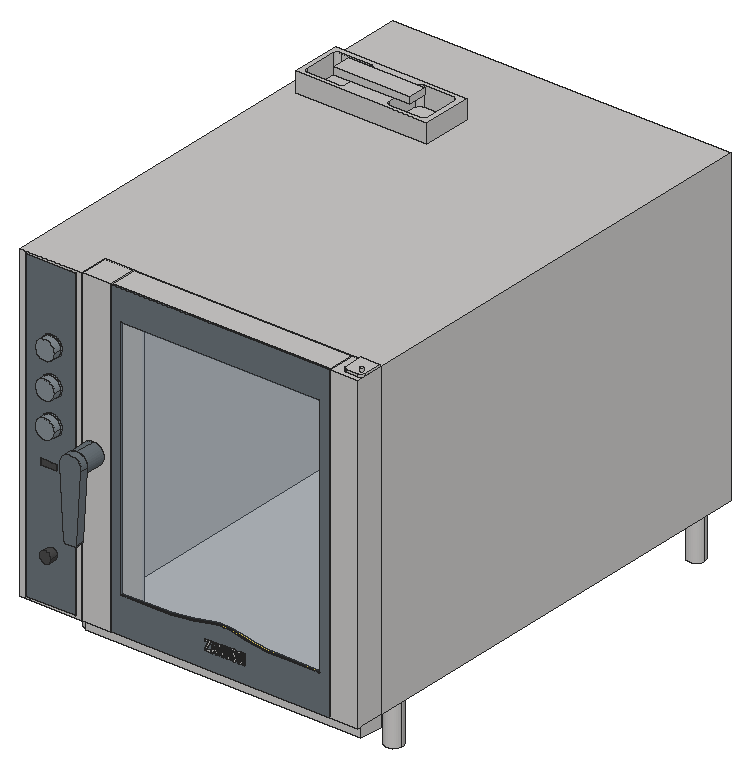
Revit family "QF_ZANUSSI_240478_ZFCL12CSBQ", category Specialty Equipment, Revit 2023
Family settings
  Round Connector Dimension = Use Diameter
  Part Type = Normal
  Work Plane-Based = No
  Enable Cutting in Views = No
  Always vertical = Yes
  Cut with Voids When Loaded = No
  Maintain Annotation Orientation = No
  Shared = No
  Room Calculation Point = No
Parameters (values of type "Standard")
  Weight = 154.00 kg
  Watts = 0 W
  Volts = 220 V
  URL Manufacturer = "http://www.zanussiprofessional.com"
  URL = "http://www.zanussiprofessional.com"
  Steam Supply Size = 0 mm
  Steam Supply Minimum Pressure = 0.0 Pa
  Steam Supply Maximum Pressure = 0.0 Pa
  Steam Consumption per Hour = 0
  Show Logo [instance] = yes
  Show Clearance [instance] = yes
  Refrigeration Suction Line Size = 0 mm
  Refrigeration Liquid Line Size = 0 mm
  Refrigerant Compressor Remote = yes
  Default Elevation = 0 mm
  Manufacturer = "Zanussi"
  Phase = 1
  Model = "ZFCL12CSBQ"
  Length Actual = 890 mm
  Item Number = "240478"
  Hot Water Size = 0 mm
  Height Actual = 970 mm
  HP = "0.7 HP"
  Gas Size = 12.7 mm
  Gas KW = 25
  Gas Input Pressure = 1.85 W
  Direct Waste Size = 25 mm
  Description = "CONVECTION OVEN CW 10 GN 2/1 - GAS - 60HZ - QMARK"
  Depth Actual = 1215 mm
  Cycle = 60 Hz
  Condensate Return Size = 0 mm
  Compressed Air Volume = 0.0 L/s
  Compressed Air Size = 0 mm
  Compressed Air Pressure = 0.0 Pa
  Cold Water Size = 19.05 mm
  Accessory = no
Reference planes
  plane 1 "Center X": y = -61.149
  plane 2: z = 0
  plane 3 "Center Y": x = -330
  plane 4 "LEFT": x = -775
  plane 5 "BACK": y = 551.351
  plane 6 "RIGHT": x = 115
  plane 7 "FRONT": y = -673.649
  plane 8 "FeetLeft": x = -725
  plane 9: y = 501.351
  plane 10 "DoorDepth": y = -598.649
  plane 11 "FeetRight": x = 65
  plane 12 "BASE": z = 130
  plane 13 "TOP": z = 950
  plane 14: z = 0
  plane 15 "FeetFront": y = -493.649
  plane 16: z = 1001
  plane 17: y = -433.649
  plane 18 "Drain_X": x = -349
  plane 19 "Drain_Y": y = 181.351
  plane 20 "EI_x": x = -675
  plane 21 "EI_y": y = -418.649
  plane 22 "GAS_y": y = -148.649
  plane 23 "Gas_x": x = -690
  plane 24 "CWI_x": x = -690
  plane 25: y = -1354.649
  plane 26 "CWI_y": y = -53.649
  plane 27: y = 255.351
Forms (mm)
  Extrusion 1, solid, material "QF_Finishes_Stainless Steel"
    sketch origin (0, 73.5, 130) x (-1, 0, 0) y (0, -1, 0)
      loop
        circle (690, 127.149) r 13.2
    from -5 to 0
  Extrusion 2, solid, material "QF_Finishes_Stainless Steel"
    sketch origin (0, 57.5, 130) x (-1, 0, 0) y (0, -1, 0)
      loop
        circle (675, 476.149) r 13.25
    from -5 to 0
  Extrusion 3, solid, material "QF_Finishes_Stainless Steel"
    sketch origin (89, -125, 130) x (-1, 0, 0) y (0, -1, 0)
      loop
        circle (438, -306.351) r 13.25
    from -5 to 0
  Extrusion 4, solid, material "QF_Finishes_Black"
    sketch origin (0, -673.649, 77) x (-1, 0, 0) y (0, 0, 1)
      loop
        circle (691.941, 183.023) r 15
    from 0 to -20
  Extrusion 5, solid, material "QF_Finishes_Stainless Steel"
    sketch origin (15, -153.5, 130) x (-1, 0, 0) y (0, -1, 0)
      loop
        circle (705, -4.851) r 13.25
    from -5 to 0
  Extrusion 6, solid, material "QF_Finishes_Zanussi_Soft Gray"
    sketch origin (0, -673.649, -96) x (-1, 0, 0) y (0, 0, 1)
      loop
        circle (691, 845.824) r 26.676
    from 0 to -3
  Blend 7, solid, material "QF_Finishes_Zanussi_Soft Gray"
    base sketch origin (0, -673.649, -96) x (-1, 0, 0) y (0, 0, 1)
      loop
        circle (691, 845.824) r 25
    top sketch origin (0, -673.649, -96) x (-1, 0, 0) y (0, 0, 1)
      loop
        circle (691, 845.824) r 24.8
    from -3 to -23
  Extrusion 8, solid, material "QF_Finishes_Zanussi_Soft Gray"
    sketch origin (0, -673.649, -105) x (-1, 0, 0) y (0, 0, 1)
      loop
        circle (691, 760.824) r 26.676
    from 0 to -3
  Blend 9, solid, material "QF_Finishes_Zanussi_Soft Gray"
    base sketch origin (0, -673.649, -105) x (-1, 0, 0) y (0, 0, 1)
      loop
        circle (691, 760.824) r 25
    top sketch origin (0, -673.649, -105) x (-1, 0, 0) y (0, 0, 1)
      loop
        circle (691, 760.824) r 24.8
    from -3 to -23
  Extrusion 10, solid, material "QF_Finishes_Zanussi_Soft Gray"
    sketch origin (0, -673.649, 183) x (-1, 0, 0) y (0, 0, 1)
      loop
        circle (691, 380.824) r 26.676
    from 0 to -3
  Blend 11, solid, material "QF_Finishes_Zanussi_Soft Gray"
    base sketch origin (0, -673.649, 183) x (-1, 0, 0) y (0, 0, 1)
      loop
        circle (691, 380.824) r 25
    top sketch origin (0, -673.649, 183) x (-1, 0, 0) y (0, 0, 1)
      loop
        circle (691, 380.824) r 24.8
    from -3 to -23
  Extrusion 12, solid, material "QF_Finishes_Stainless Steel"
    sketch origin (0, 0, 130) x (-1, 0, 0) y (0, -1, 0)
      loop
        line (775, -551.351) -> (775, 673.649) -> (612, 673.649) -> (612, 598.649) -> (-115, 598.649) -> (-115, -551.351) -> (775, -551.351)
    from 820 to 0
  Extrusion 13, solid, material "QF_Finishes_Zanussi_Dark Gray"
    sketch origin (0, -673.649, 0) x (-1, 0, 0) y (0, 0, 1)
      loop
        line (760, 945) -> (627, 945) -> (627, 135) -> (760, 135) -> (760, 945)
      loop
        line (677.941, 475.023) -> (677.941, 460.023) -> (720.941, 460.023) -> (720.941, 475.023) -> (677.941, 475.023)
    from 0 to 5
  Extrusion 14, void
    sketch origin (0, -673.649, 0) x (-1, 0, 0) y (0, 0, 1)
      loop
        line (760, 945) -> (627, 945) -> (627, 135) -> (760, 135) -> (760, 945)
    from 0 to 5
  Extrusion 15, void
    sketch origin (0, -673.649, 0) x (-1, 0, 0) y (0, 0, 1)
      loop
        line (-87.826, 145) -> (609, 145) -> (609, 930) -> (-87.826, 930) -> (-87.826, 145)
    from 1200 to 75
  Extrusion 16, solid, material "QF_Finishes_Black"
    sketch origin (-5, -673.649, 195) x (-1, 0, 0) y (0, 0, 1)
      loop
        line (715.941, 280.023) -> (672.941, 280.023) -> (672.941, 265.023) -> (715.941, 265.023) -> (715.941, 280.023)
    from 5 to 0
  Extrusion 17, solid, material "QF_Clearances", detail levels coarse
    sketch origin (0, 0, 0) x (1, 0, 0) y (0, 1, 0)
      loop
        line (-825, -673.649) -> (-775, -673.649) -> (-775, 551.351) -> (115, 551.351) -> (115, -673.649) -> (165, -673.649) -> (165, 601.351) -> (-825, 601.351) -> (-825, -673.649)
    from 950 to 0
  Extrusion 18, solid, material "QF_Finishes_Stainless Steel"
    sketch origin (0, 0, 950) x (-1, 0, 0) y (0, -1, 0)
      loop
        line (395, -190.351) -> (395, -320.351) -> (740, -320.351) -> (740, -190.351) -> (395, -190.351)
      loop
        arc (716, -308.351) -> (724.485, -304.836) -> (728, -296.351) r 12
        line (728, -296.351) -> (728, -210.351)
        arc (728, -210.351) -> (724.485, -201.866) -> (716, -198.351) r 12
        line (716, -198.351) -> (636, -198.351)
        arc (636, -198.351) -> (627.515, -201.866) -> (624, -210.351) r 12
        line (624, -210.351) -> (624, -296.351)
        arc (624, -296.351) -> (627.515, -304.836) -> (636, -308.351) r 12
        line (636, -308.351) -> (716, -308.351)
      loop
        line (419, -308.351) -> (499, -308.351)
        arc (499, -308.351) -> (507.485, -304.836) -> (511, -296.351) r 12
        line (511, -296.351) -> (511, -210.351)
        arc (511, -210.351) -> (507.485, -201.866) -> (499, -198.351) r 12
        line (499, -198.351) -> (419, -198.351)
        arc (419, -198.351) -> (410.515, -201.866) -> (407, -210.351) r 12
        line (407, -210.351) -> (407, -296.351)
        arc (407, -296.351) -> (410.515, -304.836) -> (419, -308.351) r 12
    from 0 to 51
  Extrusion 19, solid, material "QF_Finishes_Stainless Steel"
    sketch origin (0, 0, 950) x (-1, 0, 0) y (0, -1, 0)
      loop
        line (671, -228.351) -> (471, -228.351) -> (471, -278.351) -> (671, -278.351) -> (671, -228.351)
    from 68 to 51
Cuts and joins
  Extrusion 14, Extrusion 15 cuts Extrusion 12
Lines and regions (mm)
  symbolic lines
    curve 1: line (-775, -673.649, 1620) -> (-775, 551.351, 1620)
    curve 2: line (-775, 551.351, 1620) -> (115, 551.351, 1620)
    curve 3: line (-612, -598.649, 1620) -> (115, -598.649, 1620)
    curve 4: line (-612, -598.649, 1620) -> (-612, -673.649, 1620)
    curve 5: line (-775, -673.649, 1620) -> (-612, -673.649, 1620)
    curve 6: line (-719.676, -676.649, 1620) -> (-665.324, -676.649, 1620)
    curve 7: line (-719.676, -676.649, 1620) -> (-719.676, -673.649, 1620)
    curve 8: line (-665.324, -676.649, 1620) -> (-665.324, -673.649, 1620)
    curve 9: line (115, 551.351, 1620) -> (115, -673.649, 1620)
    curve 10: line (-717.863, -696.649, 684) -> (-667.2, -696.649, 684)
    curve 11: line (-717.863, -696.649, 684) -> (-718, -676.649, 684)
    curve 12: line (-667.2, -696.649, 684) -> (-667, -676.649, 684)
    curve 18: line (-740, 320.351, 0) -> (-395, 320.351, 0)
    curve 19: line (-740, 190.351, 0) -> (-740, 320.351, 0)
    curve 20: line (-395, 190.351, 0) -> (-740, 190.351, 0)
    curve 21: line (-395, 320.351, 0) -> (-395, 190.351, 0)
    curve 22: line (-671, 278.351, 0) -> (-471, 278.351, 0)
    curve 23: line (-671, 228.351, 0) -> (-671, 278.351, 0)
    curve 24: line (-471, 228.351, 0) -> (-671, 228.351, 0)
    curve 25: line (-471, 278.351, 0) -> (-471, 228.351, 0)
    curve 26: arc (-728, 296.351, 0) -> (-724.485, 304.836, 0) -> (-716, 308.351, 0) r 12
    curve 27: line (-716, 308.351, 0) -> (-636, 308.351, 0)
    curve 28: arc (-636, 308.351, 0) -> (-627.515, 304.836, 0) -> (-624, 296.351, 0) r 12
    curve 29: line (-624, 296.351, 0) -> (-624, 278.351, 0)
    curve 30: line (-728, 210.351, 0) -> (-728, 296.351, 0)
    curve 31: arc (-716, 198.351, 0) -> (-724.485, 201.866, 0) -> (-728, 210.351, 0) r 12
    curve 32: line (-636, 198.351, 0) -> (-716, 198.351, 0)
    curve 33: arc (-624, 210.351, 0) -> (-627.515, 201.866, 0) -> (-636, 198.351, 0) r 12
    curve 34: arc (-499, 198.351, 0) -> (-507.485, 201.866, 0) -> (-511, 210.351, 0) r 12
    curve 35: line (-511, 210.351, 0) -> (-511, 228.351, 0)
    curve 36: line (-499, 308.351, 0) -> (-419, 308.351, 0)
    curve 37: arc (-511, 296.351, 0) -> (-507.485, 304.836, 0) -> (-499, 308.351, 0) r 12
    curve 38: arc (-419, 308.351, 0) -> (-410.515, 304.836, 0) -> (-407, 296.351, 0) r 12
    curve 39: line (-407, 296.351, 0) -> (-407, 210.351, 0)
    curve 40: arc (-407, 210.351, 0) -> (-410.515, 201.866, 0) -> (-419, 198.351, 0) r 12
    curve 41: line (-419, 198.351, 0) -> (-499, 198.351, 0)
    curve 42: line (-624, 228.351, 0) -> (-624, 210.351, 0)
    curve 43: line (-511, 278.351, 0) -> (-511, 296.351, 0)
  symbolic lines, style "QF_Clearances", detail levels coarse
    curve 13: line (-825, -673.649, 0) -> (-825, 601.351, 0)
    curve 14: line (-825, 601.351, 0) -> (165, 601.351, 0)
    curve 15: line (165, 601.351, 0) -> (165, -673.649, 0)
    curve 16: line (165, -673.649, 0) -> (115, -673.649, 0)
    curve 17: line (-825, -673.649, 0) -> (-768.438, -673.649, 0)
Dimensions and locks
  equal spacing: plane 4 "LEFT", plane 3 "Center Y", plane 6 "RIGHT"
  equal spacing: plane 5 "BACK", plane 1 "Center X", plane 7 "FRONT"
  plane 12 "BASE" to plane 14 = 130 mm
  plane 13 "TOP" to plane 12 "BASE" = 820 mm
  plane 13 "TOP" to plane 14 = 950 mm
  plane 5 "BACK" to plane 9 = 50 mm
  plane 9 to plane 15 "FeetFront" = 995 mm
  locked: plane 15 "FeetFront" to plane 7 "FRONT" at 180
  plane 16 to plane 13 "TOP" to plane 12 "BASE" to level = 51 mm, 820 mm, 130 mm
  plane 16 to level = 1001 mm  (x2)
  plane 17 to plane 7 "FRONT" = 240 mm
  plane 5 "BACK" to plane 19 "Drain_Y" = 370 mm
  plane 4 "LEFT" to plane 18 "Drain_X" = 426 mm
  plane 4 "LEFT" to plane 20 "EI_x" = 100 mm
  plane 5 "BACK" to plane 21 "EI_y" = 970 mm
  plane 5 "BACK" to plane 22 "GAS_y" = 700 mm
  plane 4 "LEFT" to plane 23 "Gas_x" = 85 mm
  plane 4 "LEFT" to plane 24 "CWI_x" = 85 mm
  plane 5 "BACK" to plane 25 = 1906 mm
  plane 5 "BACK" to plane 26 "CWI_y" = 605 mm
  locked: plane 10 "DoorDepth" to plane 7 "FRONT" at 75
  plane 8 "FeetLeft" to plane 4 "LEFT" = 50 mm
  plane 6 "RIGHT" to plane 11 "FeetRight" = 50 mm
  plane 11 "FeetRight" to plane 8 "FeetLeft" = 790 mm
  plane 5 "BACK" to plane 7 "FRONT" = 1225 mm
  plane 4 "LEFT" to plane 6 "RIGHT" = 890 mm
  plane 5 "BACK" to plane 27 = 296 mm
  aligned and locked: level to plane 2
  aligned and locked: plane 12 "BASE" to nested 1
  aligned and locked: plane 12 "BASE" to nested 2
  aligned and locked: plane 12 "BASE" to nested 4
  aligned and locked: plane 12 "BASE" to nested 3
  aligned and locked: nested 5 to plane 10 "DoorDepth"
  aligned and locked: nested 5 to plane 12 "BASE"
  aligned and locked: plane 6 "RIGHT" to nested 5
  aligned and locked: plane 8 "FeetLeft" to nested 4
  aligned and locked: plane 11 "FeetRight" to nested 2
  aligned and locked: plane 11 "FeetRight" to nested 3
  aligned and locked: nested 4 to plane 9
  aligned and locked: nested 3 to plane 9
  aligned and locked: plane 15 "FeetFront" to nested 1
  aligned and locked: plane 15 "FeetFront" to nested 2
Automatic sketch dimensions
  Extrusion 2 sketch curve to plane 20 "EI_x" = 0 mm
  Extrusion 2 sketch curve to plane 21 "EI_y" = 0 mm
  Extrusion 3 sketch curve to plane 18 "Drain_X" = 0 mm
  Extrusion 3 sketch curve to plane 19 "Drain_Y" = 0 mm
  Extrusion 4 sketch curve to plane 23 "Gas_x" = 1.941 mm
  plane 12 "BASE" to Extrusion 4 sketch curve = 130.023 mm
  Extrusion 5 sketch curve to plane 22 "GAS_y" = 0 mm
  Extrusion 5 sketch curve to plane 23 "Gas_x" = 0 mm
  Extrusion 6 sketch curve to plane 23 "Gas_x" = 1 mm
  Extrusion 6 sketch curve to plane 13 "TOP" = 200.176 mm
  Blend 7 sketch curve to plane 23 "Gas_x" = 1 mm  (x2)
  Blend 7 sketch curve to plane 13 "TOP" = 200.176 mm  (x2)
  Extrusion 8 sketch curve to plane 23 "Gas_x" = 1 mm
  Extrusion 8 sketch curve to plane 13 "TOP" = 294.176 mm
  Blend 9 sketch curve to plane 23 "Gas_x" = 1 mm  (x2)
  Blend 9 sketch curve to plane 13 "TOP" = 294.176 mm  (x2)
  Extrusion 10 sketch curve to plane 23 "Gas_x" = 1 mm
  plane 12 "BASE" to Extrusion 10 sketch curve = 433.824 mm
  Blend 11 sketch curve to plane 23 "Gas_x" = 1 mm  (x2)
  plane 12 "BASE" to Blend 11 sketch curve = 433.824 mm  (x2)
  Extrusion 12 sketch curve to plane 5 "BACK" = 0 mm
  Extrusion 12 sketch curve to plane 6 "RIGHT" = 0 mm
  Extrusion 12 sketch curve to plane 10 "DoorDepth" = 0 mm
  Extrusion 12 sketch curve to plane 7 "FRONT" = 0 mm
  Extrusion 12 sketch curve to plane 4 "LEFT" = 0 mm
  plane 20 "EI_x" to Extrusion 12 sketch curve = 63 mm
  Extrusion 14 sketch curve to plane 13 "TOP" = 5 mm
  plane 20 "EI_x" to Extrusion 14 sketch curve = 48 mm
  Extrusion 14 sketch curve to plane 8 "FeetLeft" = 35 mm
  plane 12 "BASE" to Extrusion 14 sketch curve = 5 mm
  Extrusion 15 sketch curve to plane 13 "TOP" = 20 mm
  plane 11 "FeetRight" to Extrusion 15 sketch curve = 22.826 mm
  plane 20 "EI_x" to Extrusion 15 sketch curve = 66 mm
  plane 12 "BASE" to Extrusion 15 sketch curve = 15 mm
  Extrusion 13 sketch curve to plane 13 "TOP" = 5 mm
  plane 20 "EI_x" to Extrusion 13 sketch curve = 48 mm
  Extrusion 13 sketch curve to plane 20 "EI_x" = 2.941 mm
  plane 8 "FeetLeft" to Extrusion 13 sketch curve = 4.059 mm
  plane 4 "LEFT" to Extrusion 13 sketch curve = 15 mm
  plane 12 "BASE" to Extrusion 13 sketch curve = 345.023 mm
  Extrusion 13 sketch curve to Extrusion 13 sketch curve = 15 mm
  plane 12 "BASE" to Extrusion 13 sketch curve = 5 mm
  Extrusion 16 sketch curve to plane 20 "EI_x" = 2.941 mm
  plane 8 "FeetLeft" to Extrusion 16 sketch curve = 4.059 mm
  plane 12 "BASE" to Extrusion 16 sketch curve = 330.023 mm
  Extrusion 16 sketch curve to Extrusion 16 sketch curve = 15 mm
  curve 3 to plane 10 "DoorDepth" = 0 mm
  curve 5 to plane 7 "FRONT" = 0 mm
  curve 2 to plane 4 "LEFT" = 0 mm
  curve 1 to plane 5 "BACK" = 0 mm
  plane 20 "EI_x" to curve 3 = 63 mm
  curve 8 to plane 7 "FRONT" = 3 mm
  plane 20 "EI_x" to curve 8 = 9.676 mm
  plane 8 "FeetLeft" to curve 6 = 5.324 mm
  curve 9 to plane 6 "RIGHT" = 0 mm
  curve 9 to plane 7 "FRONT" = 0 mm
  Extrusion 17 sketch curve to plane 7 "FRONT" = 0 mm  (x2)
  Extrusion 17 sketch curve to plane 4 "LEFT" = 0 mm
  Extrusion 17 sketch curve to plane 5 "BACK" = 0 mm
  Extrusion 17 sketch curve to plane 6 "RIGHT" = 0 mm
  Extrusion 17 sketch curve to Extrusion 17 sketch curve = 50 mm
  plane 6 "RIGHT" to Extrusion 17 sketch curve = 50 mm
  plane 5 "BACK" to Extrusion 17 sketch curve = 50 mm
  Extrusion 1 sketch curve to plane 24 "CWI_x" = 0 mm
  Extrusion 1 sketch curve to plane 26 "CWI_y" = 0 mm
  plane 20 "EI_x" to curve 12 = 7.8 mm
  curve 12 to plane 7 "FRONT" = 23 mm
  curve 12 to plane 7 "FRONT" = 3 mm
  plane 20 "EI_x" to curve 12 = 8 mm
  plane 8 "FeetLeft" to curve 11 = 7.137 mm
  curve 11 to plane 7 "FRONT" = 3 mm
  plane 8 "FeetLeft" to curve 11 = 7 mm
  Extrusion 18 sketch curve to plane 8 "FeetLeft" = 15 mm
  Extrusion 18 sketch curve to plane 8 "FeetLeft" = 3 mm
  plane 8 "FeetLeft" to Extrusion 18 sketch curve = 9 mm  (x2)
  plane 19 "Drain_Y" to Extrusion 18 sketch curve = 17 mm
  plane 20 "EI_x" to Extrusion 18 sketch curve = 39 mm  (x2)
  Extrusion 18 sketch curve to Extrusion 18 sketch curve = 113 mm
  Extrusion 18 sketch curve to Extrusion 18 sketch curve = 12 mm  (x4)
  Extrusion 18 sketch curve to plane 18 "Drain_X" = 70 mm
  plane 19 "Drain_Y" to Extrusion 18 sketch curve = 9 mm
  plane 19 "Drain_Y" to Extrusion 18 sketch curve = 29 mm
  plane 19 "Drain_Y" to Extrusion 19 sketch curve = 47 mm
  Extrusion 19 sketch curve to plane 18 "Drain_X" = 122 mm
  plane 20 "EI_x" to Extrusion 19 sketch curve = 4 mm
  Extrusion 18 sketch curve to Extrusion 18 sketch curve = 80 mm  (x2)
  Extrusion 18 sketch curve to Extrusion 18 sketch curve = 86 mm  (x2)
  Extrusion 18 sketch curve to Extrusion 18 sketch curve = 24 mm
  Extrusion 19 sketch curve to Extrusion 19 sketch curve = 50 mm
  curve 13 to plane 7 "FRONT" = 0 mm
  curve 16 to plane 6 "RIGHT" = 0 mm
  curve 15 to plane 7 "FRONT" = 0 mm
  plane 19 "Drain_Y" to curve 20 = 9 mm
  curve 20 to plane 18 "Drain_X" = 46 mm
  curve 24 to plane 27 = 27 mm
  curve 24 to curve 20 = 76 mm
  plane 20 "EI_x" to curve 24 = 4 mm
  curve 20 to plane 8 "FeetLeft" = 15 mm
  curve 17 to plane 4 "LEFT" = 50 mm
  plane 6 "RIGHT" to curve 15 = 50 mm
  plane 27 to curve 22 = 23 mm
  plane 27 to curve 21 = 65 mm
  plane 5 "BACK" to curve 13 = 50 mm
  plane 4 "LEFT" to curve 17 = 6.562 mm
  plane 8 "FeetLeft" to curve 27 = 9 mm
  curve 26 to curve 18 = 24 mm
  curve 26 to curve 27 = 12 mm
  plane 20 "EI_x" to curve 27 = 39 mm
  curve 28 to curve 28 = 12 mm
  curve 19 to curve 30 = 20 mm
  plane 8 "FeetLeft" to curve 31 = 9 mm
  curve 32 to curve 42 = 12 mm
  curve 35 to curve 24 = 40 mm
  curve 34 to curve 34 = 12 mm
  plane 27 to curve 43 = 41 mm
  curve 37 to curve 37 = 12 mm
  curve 36 to curve 18 = 24 mm
  curve 38 to curve 36 = 12 mm
  curve 20 to curve 39 = 20 mm
  curve 40 to curve 39 = 12 mm
  plane 20 "EI_x" to curve 33 = 39 mm
  curve 43 to curve 22 = 40 mm
  radius of Extrusion 2 sketch curve = 13.25 mm
  radius of Extrusion 3 sketch curve = 13.25 mm
  radius of Extrusion 4 sketch curve = 15 mm
  radius of Extrusion 5 sketch curve = 13.25 mm
  radius of Extrusion 6 sketch curve = 26.676 mm
  radius of Blend 7 sketch curve = 25 mm
  radius of Blend 7 sketch curve = 24.8 mm
  radius of Extrusion 8 sketch curve = 26.676 mm
  radius of Blend 9 sketch curve = 25 mm
  radius of Blend 9 sketch curve = 24.8 mm
  radius of Extrusion 10 sketch curve = 26.676 mm
  radius of Blend 11 sketch curve = 25 mm
  radius of Blend 11 sketch curve = 24.8 mm
  radius of Extrusion 1 sketch curve = 13.2 mm
Nested families
  nested 1: "Foot" at (-725, -493.649, 0), type "Foot"
    with Ø 22 mm, H 130 mm
  nested 2: "Foot" at (65, -493.649, 0), type "Foot"
    with Ø 22 mm, H 130 mm
  nested 3: "Foot" at (65, 501.351, 0), type "Foot"
    with Ø 22 mm, H 130 mm
  nested 4: "Foot" at (-725, 501.351, 0), type "Foot"
    with Ø 22 mm, H 130 mm
  nested 5: "ZAN_DOOR_CROSSWISE_H820" at (115, -601.649, 0), type "ZAN_DOOR_CROSSWISE_H820"
    with Show Clearance yes
Connectors
  piping at (-349, 181.351, 125), diameter 25, driven by "Direct Waste Size"
    settings: on Extrusion 3, index 6, connector inside diameter 609.6 mm, connector length 0 mm, flow factor 0, pipe flow 0.0 L/s, pressure drop 0.0 Pa, fitting loss kfactor 0, connector angle 0.00°, fixture units 0, engagement length 0 mm, angle of deflection 0.00°, flow configuration 0, flow direction 2, fitting loss method 0, system type 16, joint type 0, gender type 0, connector reference index -1, connector utility 0, adjustable connector no, is connector primary yes, connector description "Drain"
  electrical at (-675, -418.649, 125)
    settings: on Extrusion 2, index 7, voltage 0 V, apparent load 0 VA, apparent load phase1 0 VA, apparent load phase2 0 VA, apparent load phase3 0 VA, power factor 1, load classification "Altro", number of poles 1, system type 30, power factor state 1, is connector primary yes, connector utility no, sub classification motor no, connector description "Electrical Connection"
  piping at (-690, -53.649, 125), diameter 19.05, driven by "Cold Water Size"
    settings: on Extrusion 1, index 8, connector inside diameter 609.6 mm, connector length 0 mm, flow factor 0, pipe flow 0.0 L/s, pressure drop 0.0 Pa, fitting loss kfactor 0, connector angle 0.00°, fixture units 0, engagement length 0 mm, angle of deflection 0.00°, flow configuration 0, flow direction 1, fitting loss method 0, system type 20, joint type 0, gender type 0, connector reference index -1, connector utility 0, adjustable connector no, is connector primary no, connector description "Cold Water Inlet"
  piping at (-690, -148.649, 125), diameter 26.4
    settings: on Extrusion 5, index 9, connector inside diameter 609.6 mm, connector length 0 mm, flow factor 0, pipe flow 0.0 L/s, pressure drop 0.0 Pa, fitting loss kfactor 0, connector angle 0.00°, fixture units 0, engagement length 0 mm, angle of deflection 0.00°, flow configuration 0, flow direction 1, fitting loss method 0, system type 7, joint type 0, gender type 0, connector reference index -1, connector utility 0, adjustable connector no, is connector primary no, connector description "Gas Connection"
Definition of nested family "Foot"
  Parameters
    Ø [instance] = 20 mm
    Default Elevation = 0 mm
    H [instance] = 50 mm
  Reference planes
    plane 1 "Centro (Fronte/Retro)": y = 0
    plane 2: z = 0
    plane 3 "Centro (Sinistra/Destra)": x = 0
    plane 4: z = 50
  Forms (mm)
    Revolve 1, solid
      sketch origin (255.05, 0, 608.09) x (0, 0, 1) y (-1, 0, 0)
        loop
          line (-608.09, 255.05) -> (-608.09, 235.05) -> (-558.09, 235.05) -> (-558.09, 255.05) -> (-608.09, 255.05)
        axis (-608.09, 255.05) -> (-558.09, 255.05)
      angle from 0 to 360
  Dimensions and locks
    "H": plane 4 to plane 2
    "Ø": Revolve 1 sketch curve to Revolve 1 sketch curve
    aligned and locked: level to plane 2
    aligned and locked: plane 4 to Revolve 1 sketch curve
    aligned and locked: Revolve 1 sketch curve to level
    aligned and locked: plane 3 "Centro (Sinistra/Destra)" to Revolve 1 sketch curve
  Automatic sketch dimensions
    Revolve 1 sketch curve to plane 3 "Centro (Sinistra/Destra)" = 0 mm
    Revolve 1 sketch curve to Revolve 1 sketch curve = 50 mm
    Revolve 1 sketch curve to Revolve 1 sketch curve = 20 mm
Definition of nested family "ZAN_DOOR_CROSSWISE_H820"
  Parameters (values of type "ZAN_DOOR_CROSSWISE_H820")
    sp_Lama = 5 mm
    Z_Maniglia = 405 mm
    W_Door = 725 mm
    Show Clearance [instance] = yes
    Default Elevation = 0 mm
    H_Feet = 130 mm
    H_FasciaTop = 75 mm
    H_Door = 820 mm
    W_fasce = 75 mm
    Direct Waste Size = 25 mm
  Reference planes
    plane 1 "Center (Front/Back)": y = 3
    plane 2: z = 0
    plane 3 "Center (Left/Right)": x = 0
    plane 4 "Top": z = 950
    plane 5 "Feet": z = 130
    plane 6 "Front": y = -72
    plane 7: z = 945
    plane 8: z = 870
    plane 9: x = -625
    plane 10: x = -75
    plane 11: x = -725
    plane 12: x = -650
    plane 13: x = -100
    plane 14: x = -649
    plane 15: x = -76
    plane 16: z = 154
    plane 17: z = 535
    plane 18: x = -697
  Forms (mm)
    Extrusion 1, solid
      sketch origin (0, -72, 0) x (0, 0, -1) y (-1, 0, 0)
        loop
          line (-950, 725) -> (-950, 650) -> (-130, 650) -> (-130, 725) -> (-950, 725)
        loop
          line (-950, 0) -> (-130, 0) -> (-130, 75) -> (-950, 75) -> (-950, 0)
      from 0 to 75
    Extrusion 2, solid
      sketch origin (0, -72, 0) x (0, 0, -1) y (-1, 0, 0)
        loop
          line (-226.277, 625) -> (-870, 625) -> (-870, 100) -> (-226.277, 100) -> (-226.277, 179.596) -> (-226.464, 194.035) -> (-226.816, 214.136)
          arc (-226.816, 214.136) -> (-227.121, 224.207) -> (-227.693, 234.266) r 381.251
          arc (-227.693, 234.266) -> (-229.438, 254.344) -> (-232.142, 274.315) r 421.149
          arc (-232.142, 274.315) -> (-235.022, 290.185) -> (-238.297, 305.979) r 647.683
          arc (-238.297, 305.979) -> (-241.149, 319.693) -> (-243.677, 333.471) r 593.178
          arc (-243.677, 333.471) -> (-244.098, 337.378) -> (-244.435, 341.294) r 181.693
          arc (-244.435, 341.294) -> (-244.748, 347.295) -> (-244.843, 353.303) r 166.118
          arc (-244.843, 353.303) -> (-244.747, 359.31) -> (-244.433, 365.309) r 166.118
          arc (-244.433, 365.309) -> (-244.097, 369.204) -> (-243.677, 373.091) r 181.693
          arc (-243.677, 373.091) -> (-241.149, 386.869) -> (-238.297, 400.583) r 593.179
          arc (-238.297, 400.583) -> (-235.025, 416.365) -> (-232.147, 432.223) r 647.683
          arc (-232.147, 432.223) -> (-229.444, 452.168) -> (-227.698, 472.219) r 421.148
          arc (-227.698, 472.219) -> (-227.123, 482.317) -> (-226.816, 492.426) r 381.251
          line (-226.816, 492.426) -> (-226.464, 512.527) -> (-226.277, 526.966) -> (-226.277, 625)
        loop
          line (-130, 76) -> (-130, 649) -> (-950, 649) -> (-950, 76) -> (-130, 76)
      from 0 to 5
    Extrusion 3, void
      sketch origin (-100, -72, 0) x (-1, 0, 0) y (0, 0, 1)
        loop
          line (288.603, 173.973) -> (303.509, 173.973) -> (303.509, 179.706) -> (295.318, 196.905) -> (302.853, 196.741) -> (302.853, 201.982) -> (288.603, 201.982) -> (288.603, 197.232) -> (297.201, 179.706) -> (288.603, 179.706) -> (288.603, 173.973)
        loop
          line (280.375, 184.456) -> (278.737, 197.195) -> (277.1, 184.456) -> (280.375, 184.456)
        loop
          line (281.849, 173.973) -> (287.746, 173.973) -> (282.669, 201.982) -> (274.806, 201.982) -> (269.565, 173.973) -> (275.461, 173.973) -> (276.281, 179.378) -> (281.031, 179.378) -> (281.849, 173.973)
        loop
          line (268.839, 201.982) -> (262.778, 201.982) -> (258.028, 184.128) -> (258.028, 201.982) -> (252.786, 201.982) -> (252.786, 173.973) -> (259.011, 173.973) -> (263.761, 192.482) -> (263.761, 173.973) -> (268.839, 173.973) -> (268.839, 201.982)
        loop
          line (251.476, 180.9) -> (251.476, 201.982) -> (245.743, 201.982) -> (245.743, 180.689)
          arc (245.743, 180.689) -> (243.81, 179.443) -> (242.303, 181.18) r 1.755
          line (242.303, 181.18) -> (242.303, 201.982) -> (236.57, 201.982) -> (236.57, 179.87)
          arc (236.57, 179.87) -> (244.469, 173.928) -> (251.476, 180.9) r 7.548
        loop
          line (225.923, 193.137) -> (225.923, 196.183)
          arc (225.923, 196.183) -> (228.232, 197.801) -> (229.849, 195.492) r 1.993
          arc (229.849, 195.492) -> (229.394, 194.205) -> (228.544, 193.137) r 4.132
          line (228.544, 193.137) -> (222.261, 187.482)
          arc (222.261, 187.482) -> (220.244, 183.234) -> (220.358, 178.532) r 10.152
          arc (220.358, 178.532) -> (226.648, 173.979) -> (234.116, 176.106) r 8.889
          arc (234.116, 176.106) -> (235.696, 179.791) -> (235.751, 183.801) r 10.311
          line (235.751, 183.801) -> (230.033, 183.801)
          arc (230.033, 183.801) -> (230.009, 183.099) -> (230.033, 182.396) r 10.165
          arc (230.033, 182.396) -> (230.059, 181.653) -> (230.033, 180.91) r 10.759
          arc (230.033, 180.91) -> (229.7, 179.855) -> (228.922, 179.068) r 2.359
          arc (228.922, 179.068) -> (226.339, 179.656) -> (226.065, 182.291) r 2.275
          arc (226.065, 182.291) -> (227.174, 183.799) -> (228.6, 185.01) r 8.056
          line (228.6, 185.01) -> (231.016, 187.151)
          arc (231.016, 187.151) -> (233.167, 189.4) -> (234.919, 191.972) r 18.895
          arc (234.919, 191.972) -> (235.183, 196.623) -> (233.05, 200.765) r 8.857
          arc (233.05, 200.765) -> (227.818, 202.471) -> (222.586, 200.765) r 8.876
          arc (222.586, 200.765) -> (220.806, 198.522) -> (220.429, 195.684) r 5.378
          line (220.429, 195.684) -> (220.518, 193.137) -> (225.923, 193.137)
        loop
          line (209.587, 193.137) -> (209.587, 196.183)
          arc (209.587, 196.183) -> (211.896, 197.801) -> (213.513, 195.492) r 1.993
          arc (213.513, 195.492) -> (213.058, 194.205) -> (212.208, 193.137) r 4.132
          line (212.208, 193.137) -> (205.924, 187.482)
          arc (205.924, 187.482) -> (203.908, 183.234) -> (204.022, 178.532) r 10.152
          arc (204.022, 178.532) -> (210.312, 173.979) -> (217.779, 176.106) r 8.889
          arc (217.779, 176.106) -> (219.36, 179.791) -> (219.415, 183.801) r 10.311
          line (219.415, 183.801) -> (213.696, 183.801)
          arc (213.696, 183.801) -> (213.672, 183.099) -> (213.696, 182.396) r 10.165
          arc (213.696, 182.396) -> (213.722, 181.653) -> (213.696, 180.91) r 10.759
          arc (213.696, 180.91) -> (213.363, 179.855) -> (212.586, 179.068) r 2.359
          arc (212.586, 179.068) -> (210.003, 179.656) -> (209.729, 182.291) r 2.275
          arc (209.729, 182.291) -> (210.837, 183.799) -> (212.264, 185.01) r 8.056
          line (212.264, 185.01) -> (214.679, 187.151)
          arc (214.679, 187.151) -> (216.83, 189.4) -> (218.583, 191.972) r 18.895
          arc (218.583, 191.972) -> (218.847, 196.623) -> (216.714, 200.765) r 8.857
          arc (216.714, 200.765) -> (211.482, 202.471) -> (206.25, 200.765) r 8.876
          arc (206.25, 200.765) -> (204.469, 198.522) -> (204.093, 195.684) r 5.378
          line (204.093, 195.684) -> (204.182, 193.137) -> (209.587, 193.137)
        loop
          line (202.992, 201.982) -> (197.259, 201.982) -> (197.259, 173.973) -> (202.992, 173.973) -> (202.992, 201.982)
      from 0 to 2
    Extrusion 4, solid
      sketch origin (0, -72, 0) x (0, 0, -1) y (-1, 0, 0)
        loop
          line (-173.973, 388.603) -> (-173.973, 403.509) -> (-179.706, 403.509) -> (-196.905, 395.318) -> (-196.741, 402.853) -> (-201.982, 402.853) -> (-201.982, 388.603) -> (-197.232, 388.603) -> (-179.706, 397.201) -> (-179.706, 388.603) -> (-173.973, 388.603)
        loop
          line (-184.456, 380.375) -> (-197.195, 378.737) -> (-184.456, 377.1) -> (-184.456, 380.375)
        loop
          line (-173.973, 381.849) -> (-173.973, 387.746) -> (-201.982, 382.669) -> (-201.982, 374.806) -> (-173.973, 369.565) -> (-173.973, 375.461) -> (-179.378, 376.281) -> (-179.378, 381.031) -> (-173.973, 381.849)
        loop
          line (-201.982, 368.839) -> (-201.982, 362.778) -> (-184.128, 358.028) -> (-201.982, 358.028) -> (-201.982, 352.786) -> (-173.973, 352.786) -> (-173.973, 359.011) -> (-192.482, 363.761) -> (-173.973, 363.761) -> (-173.973, 368.839) -> (-201.982, 368.839)
        loop
          line (-180.9, 351.476) -> (-201.982, 351.476) -> (-201.982, 345.743) -> (-180.689, 345.743)
          arc (-180.689, 345.743) -> (-179.443, 343.81) -> (-181.18, 342.303) r 1.755
          line (-181.18, 342.303) -> (-201.982, 342.303) -> (-201.982, 336.57) -> (-179.87, 336.57)
          arc (-179.87, 336.57) -> (-173.928, 344.469) -> (-180.9, 351.476) r 7.548
        loop
          line (-193.137, 325.923) -> (-196.183, 325.923)
          arc (-196.183, 325.923) -> (-197.801, 328.232) -> (-195.492, 329.849) r 1.993
          arc (-195.492, 329.849) -> (-194.205, 329.394) -> (-193.137, 328.544) r 4.132
          line (-193.137, 328.544) -> (-187.482, 322.261)
          arc (-187.482, 322.261) -> (-183.234, 320.244) -> (-178.532, 320.358) r 10.152
          arc (-178.532, 320.358) -> (-173.979, 326.648) -> (-176.106, 334.116) r 8.889
          arc (-176.106, 334.116) -> (-179.791, 335.696) -> (-183.801, 335.751) r 10.311
          line (-183.801, 335.751) -> (-183.801, 330.033)
          arc (-183.801, 330.033) -> (-183.099, 330.009) -> (-182.396, 330.033) r 10.165
          arc (-182.396, 330.033) -> (-181.653, 330.059) -> (-180.91, 330.033) r 10.759
          arc (-180.91, 330.033) -> (-179.855, 329.7) -> (-179.068, 328.922) r 2.359
          arc (-179.068, 328.922) -> (-179.656, 326.339) -> (-182.291, 326.065) r 2.275
          arc (-182.291, 326.065) -> (-183.799, 327.174) -> (-185.01, 328.6) r 8.056
          line (-185.01, 328.6) -> (-187.151, 331.016)
          arc (-187.151, 331.016) -> (-189.4, 333.167) -> (-191.972, 334.919) r 18.895
          arc (-191.972, 334.919) -> (-196.623, 335.183) -> (-200.765, 333.05) r 8.857
          arc (-200.765, 333.05) -> (-202.471, 327.818) -> (-200.765, 322.586) r 8.876
          arc (-200.765, 322.586) -> (-198.522, 320.806) -> (-195.684, 320.429) r 5.378
          line (-195.684, 320.429) -> (-193.137, 320.518) -> (-193.137, 325.923)
        loop
          line (-193.137, 309.587) -> (-196.183, 309.587)
          arc (-196.183, 309.587) -> (-197.801, 311.896) -> (-195.492, 313.513) r 1.993
          arc (-195.492, 313.513) -> (-194.205, 313.058) -> (-193.137, 312.208) r 4.132
          line (-193.137, 312.208) -> (-187.482, 305.924)
          arc (-187.482, 305.924) -> (-183.234, 303.908) -> (-178.532, 304.022) r 10.152
          arc (-178.532, 304.022) -> (-173.979, 310.312) -> (-176.106, 317.779) r 8.889
          arc (-176.106, 317.779) -> (-179.791, 319.36) -> (-183.801, 319.415) r 10.311
          line (-183.801, 319.415) -> (-183.801, 313.696)
          arc (-183.801, 313.696) -> (-183.099, 313.672) -> (-182.396, 313.696) r 10.165
          arc (-182.396, 313.696) -> (-181.653, 313.722) -> (-180.91, 313.696) r 10.759
          arc (-180.91, 313.696) -> (-179.855, 313.363) -> (-179.068, 312.586) r 2.359
          arc (-179.068, 312.586) -> (-179.656, 310.003) -> (-182.291, 309.729) r 2.275
          arc (-182.291, 309.729) -> (-183.799, 310.837) -> (-185.01, 312.264) r 8.056
          line (-185.01, 312.264) -> (-187.151, 314.679)
          arc (-187.151, 314.679) -> (-189.4, 316.83) -> (-191.972, 318.583) r 18.895
          arc (-191.972, 318.583) -> (-196.623, 318.847) -> (-200.765, 316.714) r 8.857
          arc (-200.765, 316.714) -> (-202.471, 311.482) -> (-200.765, 306.25) r 8.876
          arc (-200.765, 306.25) -> (-198.522, 304.469) -> (-195.684, 304.093) r 5.378
          line (-195.684, 304.093) -> (-193.137, 304.182) -> (-193.137, 309.587)
        loop
          line (-201.982, 302.992) -> (-201.982, 297.259) -> (-173.973, 297.259) -> (-173.973, 302.992) -> (-201.982, 302.992)
      from 0 to 2
    Extrusion 5, solid
      sketch origin (0, -72, 0) x (0, 0, -1) y (-1, 0, 0)
        loop
          line (-945, 649) -> (-945, 625) -> (-154, 625) -> (-154, 100) -> (-945, 100) -> (-945, 76) -> (-130, 76) -> (-130, 649) -> (-945, 649)
      from 5 to 75
    Extrusion 6, solid
      sketch origin (0, -72, 0) x (0, 0, -1) y (-1, 0, 0)
        loop
          line (-945, 625) -> (-945, 100) -> (-154, 100) -> (-154, 625) -> (-945, 625)
      from 75 to 70
    Extrusion 7, solid
      sketch origin (0, -72, 0) x (0, 0, -1) y (-1, 0, 0)
        loop
          line (-945, 649) -> (-950, 649) -> (-950, 76) -> (-945, 76) -> (-945, 649)
      from 5 to 75
    Extrusion 8, solid
      sketch origin (-100, -72, -17) x (-1, 0, 0) y (0, 0, 1)
        loop
          arc (608.817, 368.345) -> (612.24, 369.7) -> (613.808, 373.032) r 5
          line (613.808, 373.032) -> (624.987, 551.163)
          arc (624.987, 551.163) -> (596.54, 579.996) -> (569.055, 550.244) r 28
          line (569.055, 550.244) -> (580.194, 373.003)
          arc (580.194, 373.003) -> (581.77, 369.69) -> (585.183, 368.345) r 5
          line (585.183, 368.345) -> (608.817, 368.345)
      from -55 to -75
    Extrusion 9, solid
      sketch origin (0, -72, 0) x (0, 0, -1) y (-1, 0, 0)
        loop
          circle (-535, 697) r 28
      from 0 to -55
    Extrusion 10, solid
      sketch origin (0, 0, 0) x (0, 1, 0) y (0, 0, 1)
        loop
          line (-62, 130) -> (-62, 105) -> (3, 100.455) -> (3, 130) -> (-62, 130)
      from -725 to 0
    Extrusion 11, solid
      sketch origin (0, 0, 950) x (0, -1, 0) y (1, 0, 0)
        loop
          circle (38.919, -17.1) r 5
      from 10 to 5
    Extrusion 12, solid
      sketch origin (0, 0, 950) x (0, -1, 0) y (1, 0, 0)
        loop
          line (-3, -52.67) -> (47, -52.67)
          arc (47, -52.67) -> (54.071, -49.741) -> (57, -42.67) r 10
          line (57, -42.67) -> (57, -12.67)
          arc (57, -12.67) -> (54.071, -5.598) -> (47, -2.67) r 10
          line (47, -2.67) -> (-3, -2.67) -> (-3, -52.67)
      from 5 to 0
    Extrusion 13, solid, detail levels coarse
      sketch origin (-100, 215.149, 0) x (1, 0, 0) y (0, 1, 0)
        loop
          line (100, -972.149) -> (100, -287.149) -> (-625.004, -287.149)
          arc (-625.004, -287.149) -> (-403.591, -778.978) -> (100, -972.149) r 708.043
      from 950 to 130
    Extrusion 14, solid
      sketch origin (0, -72, 0) x (0, 0, -1) y (-1, 0, 0)
        loop
          line (-870, 625) -> (-870, 100) -> (-226.277, 100) -> (-228.887, 193.987) -> (-229.313, 214.075)
          arc (-229.313, 214.075) -> (-229.647, 224.091) -> (-230.232, 234.096) r 398.755
          arc (-230.232, 234.096) -> (-232.012, 254.045) -> (-234.745, 273.886) r 418.492
          arc (-234.745, 273.886) -> (-237.493, 288.79) -> (-240.528, 303.64) r 786.502
          arc (-240.528, 303.64) -> (-243.753, 318.136) -> (-246.344, 332.759) r 340.705
          arc (-246.344, 332.759) -> (-247.057, 338.079) -> (-247.553, 343.424) r 132.002
          arc (-247.553, 343.424) -> (-247.817, 348.358) -> (-247.896, 353.299) r 132.002
          arc (-247.896, 353.299) -> (-247.815, 358.239) -> (-247.55, 363.173) r 132.002
          arc (-247.55, 363.173) -> (-247.055, 368.5) -> (-246.344, 373.803) r 132.002
          arc (-246.344, 373.803) -> (-243.753, 388.426) -> (-240.528, 402.923) r 340.705
          arc (-240.528, 402.923) -> (-237.495, 417.76) -> (-234.749, 432.652) r 786.502
          arc (-234.749, 432.652) -> (-232.016, 452.488) -> (-230.234, 472.433) r 418.492
          arc (-230.234, 472.433) -> (-229.647, 482.454) -> (-229.313, 492.487) r 398.755
          line (-229.313, 492.487) -> (-228.887, 512.575) -> (-226.277, 625) -> (-870, 625)
      from 0 to 5
    Extrusion 15, solid
      sketch origin (0, -72, 0) x (0, 0, -1) y (-1, 0, 0)
        loop
          line (-228.887, 512.575) -> (-229.313, 492.487)
          arc (-229.313, 492.487) -> (-229.647, 482.454) -> (-230.234, 472.433) r 398.755
          arc (-230.234, 472.433) -> (-232.016, 452.488) -> (-234.749, 432.652) r 418.492
          arc (-234.749, 432.652) -> (-237.495, 417.76) -> (-240.528, 402.923) r 786.502
          arc (-240.528, 402.923) -> (-243.753, 388.426) -> (-246.344, 373.803) r 340.705
          arc (-246.344, 373.803) -> (-247.055, 368.5) -> (-247.55, 363.173) r 132.002
          arc (-247.55, 363.173) -> (-247.815, 358.239) -> (-247.896, 353.299) r 132.002
          arc (-247.896, 353.299) -> (-247.817, 348.358) -> (-247.553, 343.424) r 132.002
          arc (-247.553, 343.424) -> (-247.057, 338.079) -> (-246.344, 332.759) r 132.002
          arc (-246.344, 332.759) -> (-243.753, 318.136) -> (-240.528, 303.64) r 340.705
          arc (-240.528, 303.64) -> (-237.493, 288.79) -> (-234.745, 273.886) r 786.502
          arc (-234.745, 273.886) -> (-232.012, 254.045) -> (-230.232, 234.096) r 418.492
          arc (-230.232, 234.096) -> (-229.647, 224.091) -> (-229.313, 214.075) r 398.755
          line (-229.313, 214.075) -> (-228.887, 193.987) -> (-226.277, 100) -> (-226.277, 179.596) -> (-226.464, 194.035) -> (-226.816, 214.136)
          arc (-226.816, 214.136) -> (-227.121, 224.207) -> (-227.693, 234.266) r 381.251
          arc (-227.693, 234.266) -> (-229.438, 254.344) -> (-232.142, 274.315) r 421.149
          arc (-232.142, 274.315) -> (-235.022, 290.185) -> (-238.297, 305.979) r 647.683
          arc (-238.297, 305.979) -> (-241.149, 319.693) -> (-243.677, 333.471) r 593.178
          arc (-243.677, 333.471) -> (-244.328, 338.674) -> (-244.808, 343.895) r 159.419
          arc (-244.808, 343.895) -> (-245.055, 348.594) -> (-245.149, 353.299) r 143.741
          arc (-245.149, 353.299) -> (-245.054, 358.003) -> (-244.805, 362.702) r 143.741
          arc (-244.805, 362.702) -> (-244.326, 367.906) -> (-243.677, 373.091) r 159.42
          arc (-243.677, 373.091) -> (-241.149, 386.869) -> (-238.297, 400.583) r 593.179
          arc (-238.297, 400.583) -> (-235.025, 416.365) -> (-232.147, 432.223) r 647.683
          arc (-232.147, 432.223) -> (-229.444, 452.168) -> (-227.698, 472.219) r 421.148
          arc (-227.698, 472.219) -> (-227.123, 482.317) -> (-226.816, 492.426) r 381.251
          line (-226.816, 492.426) -> (-226.464, 512.527) -> (-226.277, 526.966) -> (-226.277, 625) -> (-228.887, 512.575)
      from 0 to 5
  Cuts and joins
    Extrusion 3 cuts Extrusion 2
  Lines and regions (mm)
    symbolic lines
      curve 1: line (-724.987, -127, 0) -> (-661.987, -127, 0)
      curve 2: line (-724.987, -147, 0) -> (-724.987, -72.467, 0)
      curve 3: line (-661.987, -147, 0) -> (-724.987, -147, 0)
      curve 4: line (-661.987, -72.467, 0) -> (-661.987, -147, 0)
      curve 5: line (-724.996, 3, 0) -> (0, 3, 0)
      curve 6: line (-724.996, -72.467, 0) -> (-724.996, 3, 0)
      curve 7: line (0, -72.467, 0) -> (-724.996, -72.467, 0)
      curve 8: line (0, 3, 0) -> (0, -72.467, 0)
      curve 9: line (-625, -72.467, 0) -> (-625, 3, 0)
      curve 10: line (-75, -72.467, 0) -> (-75, 3, 0)
      curve 11: arc (-52.67, -47, 0) -> (-49.741, -54.071, 0) -> (-42.67, -57, 0) r 10
      curve 12: line (-42.67, -57, 0) -> (-12.67, -57, 0)
      curve 13: arc (-12.67, -57, 0) -> (-5.598, -54.071, 0) -> (-2.67, -47, 0) r 10
      curve 14: line (-2.67, -47, 0) -> (-2.67, 3, 0)
      curve 15: line (-52.67, 3, 0) -> (-52.67, -47, 0)
      curve 16: circle (-17.1, -38.919, 0) r 5 normal (0, 0, 1)
      curve 17: line (0, -745.041, 0) -> (0, -72.467, 0)
      curve 18: arc (-725.004, -72, 0) -> (-503.591, -563.829, 0) -> (0, -757, 0) r 708.043
  Dimensions and locks
    plane 1 "Center (Front/Back)" to plane 6 "Front" = 75 mm
    "H_Feet": plane 5 "Feet" to level
    "H_Door": plane 4 "Top" to plane 5 "Feet"
    "sp_Lama": plane 4 "Top" to plane 7
    "H_FasciaTop": plane 7 to plane 8
    "W_fasce": plane 11 to plane 12
    "W_fasce": plane 3 "Center (Left/Right)" to plane 10
    locked: plane 14 to plane 12 at 1
    plane 15 to plane 10 = 1 mm
    locked: plane 9 to plane 14 at 24
    locked: plane 15 to plane 13 at 24
    locked: plane 16 to plane 5 "Feet" at 24
    "Z_Maniglia": plane 17 to plane 5 "Feet"
    plane 11 to plane 18 = 28 mm
    "W_Door": plane 11 to plane 3 "Center (Left/Right)"
    aligned and locked: level to plane 2
    aligned and locked: Extrusion 7 to plane 7
    aligned and locked: plane 7 to Extrusion 6
    aligned and locked: plane 7 to Extrusion 5  (x2)
    aligned and locked: Extrusion 1 to plane 4 "Top"  (x2)
    aligned and locked: Extrusion 13 to plane 4 "Top"
    aligned and locked: Extrusion 7 to plane 4 "Top"
    aligned and locked: cut or joined group of Extrusion 2, Extrusion 3 to plane 4 "Top"
    aligned and locked: cut or joined group of Extrusion 2, Extrusion 3 to plane 8
    aligned and locked: plane 5 "Feet" to Extrusion 5
    aligned and locked: plane 5 "Feet" to Extrusion 13
    aligned and locked: plane 5 "Feet" to Extrusion 1  (x2)
    aligned and locked: plane 5 "Feet" to cut or joined group of Extrusion 2, Extrusion 3
    aligned and locked: Extrusion 5 to plane 14
    aligned and locked: plane 9 to Extrusion 5
    aligned and locked: plane 15 to Extrusion 5
    aligned and locked: Extrusion 5 to plane 13
    aligned and locked: Extrusion 1 to plane 11
    aligned and locked: plane 3 "Center (Left/Right)" to Extrusion 1
    aligned and locked: plane 12 to Extrusion 1
    aligned and locked: Extrusion 1 to plane 10
    aligned and locked: plane 16 to Extrusion 5
    aligned and locked: Extrusion 6 to plane 16
    aligned and locked: plane 3 "Center (Left/Right)" to Extrusion 10
    aligned and locked: plane 9 to cut or joined group of Extrusion 2, Extrusion 3
    aligned and locked: cut or joined group of Extrusion 2, Extrusion 3 to plane 13
    aligned and locked: plane 11 to Extrusion 10
    aligned and locked: Extrusion 14 sketch curve to plane 8
    aligned and locked: Extrusion 14 sketch curve to plane 9
    aligned and locked: Extrusion 14 sketch curve to plane 13
  Automatic sketch dimensions
    Extrusion 9 sketch curve to plane 17 = 0 mm
    Extrusion 9 sketch curve to plane 18 = 0 mm
    Extrusion 1 sketch curve to plane 4 "Top" = 0 mm  (x2)
    Extrusion 1 sketch curve to plane 3 "Center (Left/Right)" = 0 mm
    Extrusion 1 sketch curve to plane 5 "Feet" = 0 mm  (x2)
    plane 10 to Extrusion 1 sketch curve = 0 mm
    plane 12 to Extrusion 1 sketch curve = 0 mm
    plane 11 to Extrusion 1 sketch curve = 0 mm
    plane 16 to Extrusion 3 sketch curve = 47.982 mm  (x3)
    plane 13 to Extrusion 3 sketch curve = 197.259 mm
    Extrusion 3 sketch curve to Extrusion 3 sketch curve = 4.888 mm
    Extrusion 3 sketch curve to Extrusion 3 sketch curve = 5.704 mm
    Extrusion 3 sketch curve to Extrusion 3 sketch curve = 0.845 mm
    plane 16 to Extrusion 3 sketch curve = 41.684 mm  (x2)
    Extrusion 3 sketch curve to Extrusion 3 sketch curve = 1.947 mm  (x2)
    plane 16 to Extrusion 3 sketch curve = 39.137 mm  (x4)
    Extrusion 3 sketch curve to Extrusion 3 sketch curve = 0.089 mm  (x2)
    plane 16 to Extrusion 3 sketch curve = 33.482 mm  (x2)
    Extrusion 3 sketch curve to Extrusion 3 sketch curve = 1.743 mm
    Extrusion 3 sketch curve to Extrusion 3 sketch curve = 6.311 mm
    Extrusion 3 sketch curve to Extrusion 3 sketch curve = 5.327 mm  (x2)
    Extrusion 3 sketch curve to Extrusion 3 sketch curve = 0.024 mm  (x2)
    Extrusion 3 sketch curve to Extrusion 3 sketch curve = 0.143 mm  (x2)
    Extrusion 3 sketch curve to Extrusion 3 sketch curve = 0.597 mm  (x2)
    Extrusion 3 sketch curve to Extrusion 3 sketch curve = 2.07 mm  (x2)
    Extrusion 3 sketch curve to Extrusion 3 sketch curve = 1.298 mm  (x2)
    Extrusion 3 sketch curve to Extrusion 3 sketch curve = 1.366 mm  (x2)
    Extrusion 3 sketch curve to Extrusion 3 sketch curve = 0.362 mm  (x2)
    Extrusion 3 sketch curve to Extrusion 3 sketch curve = 0.15 mm  (x2)
    Extrusion 3 sketch curve to Extrusion 3 sketch curve = 0.726 mm  (x3)
    plane 16 to Extrusion 3 sketch curve = 31.01 mm  (x2)
    Extrusion 3 sketch curve to Extrusion 3 sketch curve = 0.409 mm  (x2)
    Extrusion 3 sketch curve to Extrusion 3 sketch curve = 1.432 mm  (x2)
    Extrusion 3 sketch curve to Extrusion 3 sketch curve = 2.132 mm  (x2)
    plane 16 to Extrusion 3 sketch curve = 33.151 mm  (x2)
    Extrusion 3 sketch curve to Extrusion 3 sketch curve = 2.415 mm  (x2)
    Extrusion 3 sketch curve to Extrusion 3 sketch curve = 2.892 mm  (x2)
    Extrusion 3 sketch curve to Extrusion 3 sketch curve = 6.932 mm
    Extrusion 3 sketch curve to Extrusion 3 sketch curve = 2.57 mm
    Extrusion 3 sketch curve to Extrusion 3 sketch curve = 0.116 mm
    Extrusion 3 sketch curve to Extrusion 3 sketch curve = 2.846 mm
    Extrusion 3 sketch curve to Extrusion 3 sketch curve = 4.422 mm  (x2)
    Extrusion 3 sketch curve to Extrusion 3 sketch curve = 1.773 mm
    Extrusion 3 sketch curve to Extrusion 3 sketch curve = 5.719 mm
    Extrusion 3 sketch curve to Extrusion 3 sketch curve = 3.505 mm
    Extrusion 3 sketch curve to Extrusion 3 sketch curve = 5.733 mm  (x3)
    Extrusion 3 sketch curve to Extrusion 3 sketch curve = 1.646 mm
    Extrusion 3 sketch curve to Extrusion 3 sketch curve = 0.109 mm
    Extrusion 3 sketch curve to Extrusion 3 sketch curve = 3.44 mm
    Extrusion 3 sketch curve to Extrusion 3 sketch curve = 1.311 mm
    Extrusion 3 sketch curve to Extrusion 3 sketch curve = 5.241 mm  (x2)
    Extrusion 3 sketch curve to Extrusion 3 sketch curve = 6.224 mm
    Extrusion 3 sketch curve to Extrusion 3 sketch curve = 4.75 mm  (x3)
    Extrusion 3 sketch curve to Extrusion 3 sketch curve = 6.061 mm
    plane 16 to Extrusion 3 sketch curve = 19.973 mm  (x2)
    Extrusion 3 sketch curve to Extrusion 3 sketch curve = 5.967 mm
    Extrusion 3 sketch curve to Extrusion 3 sketch curve = 5.897 mm  (x2)
    Extrusion 3 sketch curve to Extrusion 3 sketch curve = 0.819 mm  (x4)
    plane 16 to Extrusion 3 sketch curve = 43.195 mm
    Extrusion 3 sketch curve to Extrusion 3 sketch curve = 3.931 mm  (x2)
    Extrusion 3 sketch curve to Extrusion 3 sketch curve = 3.276 mm
    Extrusion 3 sketch curve to Extrusion 3 sketch curve = 0.856 mm
    plane 16 to Extrusion 3 sketch curve = 43.232 mm
    Extrusion 3 sketch curve to Extrusion 3 sketch curve = 5.934 mm
    plane 16 to Extrusion 3 sketch curve = 42.905 mm
    Extrusion 3 sketch curve to Extrusion 3 sketch curve = 6.716 mm
    plane 16 to Extrusion 3 sketch curve = 25.706 mm
    Extrusion 3 sketch curve to Extrusion 3 sketch curve = 8.598 mm
    plane 16 to Extrusion 3 sketch curve = 42.741 mm
    Extrusion 3 sketch curve to Extrusion 3 sketch curve = 7.535 mm
    Extrusion 3 sketch curve to Extrusion 3 sketch curve = 6.308 mm
    Extrusion 3 sketch curve to Extrusion 3 sketch curve = 0 mm  (x12)
    Extrusion 3 sketch curve to Extrusion 3 sketch curve = 13.509 mm
    Extrusion 3 sketch curve to Extrusion 3 sketch curve = 6.705 mm  (x2)
    Extrusion 3 sketch curve to Extrusion 3 sketch curve = 5.405 mm
    Extrusion 3 sketch curve to Extrusion 3 sketch curve = 1.565 mm
    Extrusion 3 sketch curve to Extrusion 3 sketch curve = 0.211 mm
    Extrusion 3 sketch curve to Extrusion 3 sketch curve = 3.938 mm  (x2)
    Extrusion 3 sketch curve to Extrusion 3 sketch curve = 0.05 mm  (x2)
    Extrusion 3 sketch curve to Extrusion 3 sketch curve = 0.093 mm  (x2)
    Extrusion 3 sketch curve to Extrusion 3 sketch curve = 5.829 mm
    Extrusion 3 sketch curve to Extrusion 3 sketch curve = 3.348 mm
    Extrusion 3 sketch curve to Extrusion 3 sketch curve = 0.356 mm  (x2)
    Extrusion 3 sketch curve to Extrusion 3 sketch curve = 1.568 mm  (x2)
    Extrusion 3 sketch curve to Extrusion 3 sketch curve = 1.163 mm
    Extrusion 3 sketch curve to Extrusion 3 sketch curve = 1.919 mm
    Extrusion 3 sketch curve to Extrusion 3 sketch curve = 2.148 mm
    Extrusion 3 sketch curve to Extrusion 3 sketch curve = 1.209 mm
    Extrusion 3 sketch curve to Extrusion 3 sketch curve = 3.228 mm
    Extrusion 3 sketch curve to Extrusion 3 sketch curve = 5.078 mm
    Extrusion 3 sketch curve to Extrusion 3 sketch curve = 9.5 mm
    Extrusion 3 sketch curve to Extrusion 3 sketch curve = 0.458 mm  (x2)
    Extrusion 3 sketch curve to Extrusion 3 sketch curve = 1.645 mm  (x2)
    Extrusion 3 sketch curve to Extrusion 3 sketch curve = 1.056 mm  (x2)
    Extrusion 3 sketch curve to Extrusion 3 sketch curve = 1.401 mm  (x2)
    Extrusion 3 sketch curve to Extrusion 3 sketch curve = 0.025 mm  (x2)
    Extrusion 3 sketch curve to Extrusion 3 sketch curve = 0.212 mm  (x2)
    Extrusion 3 sketch curve to Extrusion 3 sketch curve = 0.525 mm
    Extrusion 3 sketch curve to Extrusion 3 sketch curve = 0.692 mm
    Extrusion 3 sketch curve to Extrusion 3 sketch curve = 1.059 mm  (x2)
    Extrusion 3 sketch curve to Extrusion 3 sketch curve = 0.88 mm  (x2)
    Extrusion 3 sketch curve to Extrusion 3 sketch curve = 1.769 mm
    Extrusion 3 sketch curve to Extrusion 3 sketch curve = 3.52 mm
    plane 16 to Extrusion 4 sketch curve = 47.982 mm  (x2)
    Extrusion 4 sketch curve to Extrusion 4 sketch curve = 0 mm  (x16)
    Extrusion 4 sketch curve to Extrusion 4 sketch curve = 0.692 mm  (x2)
    Extrusion 4 sketch curve to Extrusion 4 sketch curve = 4.75 mm  (x5)
    Extrusion 4 sketch curve to Extrusion 4 sketch curve = 4.787 mm
    Extrusion 4 sketch curve to Extrusion 4 sketch curve = 0.328 mm
    Extrusion 4 sketch curve to Extrusion 4 sketch curve = 5.241 mm  (x2)
    Extrusion 4 sketch curve to Extrusion 4 sketch curve = 4.87 mm
    Extrusion 4 sketch curve to Extrusion 4 sketch curve = 5.561 mm
    Extrusion 4 sketch curve to Extrusion 4 sketch curve = 0.212 mm  (x2)
    Extrusion 4 sketch curve to Extrusion 4 sketch curve = 0.025 mm  (x2)
    Extrusion 4 sketch curve to Extrusion 4 sketch curve = 0.346 mm  (x2)
    Extrusion 4 sketch curve to Extrusion 4 sketch curve = 0.525 mm  (x3)
    Extrusion 4 sketch curve to Extrusion 4 sketch curve = 1.401 mm  (x2)
    Extrusion 4 sketch curve to Extrusion 4 sketch curve = 1.186 mm  (x2)
    Extrusion 4 sketch curve to Extrusion 4 sketch curve = 2.546 mm  (x2)
    Extrusion 4 sketch curve to Extrusion 4 sketch curve = 0.458 mm  (x2)
    Extrusion 4 sketch curve to Extrusion 4 sketch curve = 9.5 mm
    Extrusion 4 sketch curve to Extrusion 4 sketch curve = 5.655 mm  (x2)
    Extrusion 4 sketch curve to Extrusion 4 sketch curve = 5.986 mm  (x2)
    Extrusion 4 sketch curve to Extrusion 4 sketch curve = 2.141 mm  (x2)
    Extrusion 4 sketch curve to Extrusion 4 sketch curve = 12.739 mm
    Extrusion 4 sketch curve to Extrusion 4 sketch curve = 8.354 mm
    Extrusion 4 sketch curve to Extrusion 4 sketch curve = 3.681 mm
    Extrusion 4 sketch curve to Extrusion 4 sketch curve = 1.209 mm
    Extrusion 4 sketch curve to Extrusion 4 sketch curve = 0.702 mm  (x2)
    Extrusion 4 sketch curve to Extrusion 4 sketch curve = 1.067 mm  (x2)
    Extrusion 4 sketch curve to Extrusion 4 sketch curve = 0.798 mm
    Extrusion 4 sketch curve to Extrusion 4 sketch curve = 1.163 mm
    Extrusion 4 sketch curve to Extrusion 4 sketch curve = 0.282 mm
    Extrusion 4 sketch curve to Extrusion 4 sketch curve = 2.148 mm
    Extrusion 4 sketch curve to Extrusion 4 sketch curve = 1.642 mm
    Extrusion 4 sketch curve to Extrusion 4 sketch curve = 0.277 mm
    Extrusion 4 sketch curve to Extrusion 4 sketch curve = 1.568 mm  (x2)
    Extrusion 4 sketch curve to Extrusion 4 sketch curve = 0.043 mm  (x2)
    Extrusion 4 sketch curve to Extrusion 4 sketch curve = 0.093 mm  (x2)
    Extrusion 4 sketch curve to Extrusion 4 sketch curve = 3.228 mm
    Extrusion 4 sketch curve to Extrusion 4 sketch curve = 0.491 mm
    Extrusion 4 sketch curve to Extrusion 4 sketch curve = 3.931 mm  (x3)
    Extrusion 4 sketch curve to Extrusion 4 sketch curve = 5.078 mm
    Extrusion 4 sketch curve to Extrusion 4 sketch curve = 2.818 mm
    Extrusion 4 sketch curve to Extrusion 4 sketch curve = 1.565 mm
    Extrusion 4 sketch curve to Extrusion 4 sketch curve = 5.405 mm
    Extrusion 4 sketch curve to Extrusion 4 sketch curve = 5.733 mm  (x3)
    Extrusion 4 sketch curve to Extrusion 4 sketch curve = 7.68 mm
    plane 13 to Extrusion 4 sketch curve = 197.259 mm
    Extrusion 4 sketch curve to Extrusion 4 sketch curve = 4.888 mm
    Extrusion 4 sketch curve to Extrusion 4 sketch curve = 5.704 mm
    Extrusion 4 sketch curve to Extrusion 4 sketch curve = 0.845 mm
    Extrusion 4 sketch curve to Extrusion 4 sketch curve = 1.947 mm  (x2)
    Extrusion 4 sketch curve to Extrusion 4 sketch curve = 0.089 mm  (x2)
    Extrusion 4 sketch curve to Extrusion 4 sketch curve = 1.743 mm
    Extrusion 4 sketch curve to Extrusion 4 sketch curve = 6.311 mm
    Extrusion 4 sketch curve to Extrusion 4 sketch curve = 5.327 mm  (x2)
    Extrusion 4 sketch curve to Extrusion 4 sketch curve = 0.024 mm  (x2)
    Extrusion 4 sketch curve to Extrusion 4 sketch curve = 0.143 mm  (x2)
